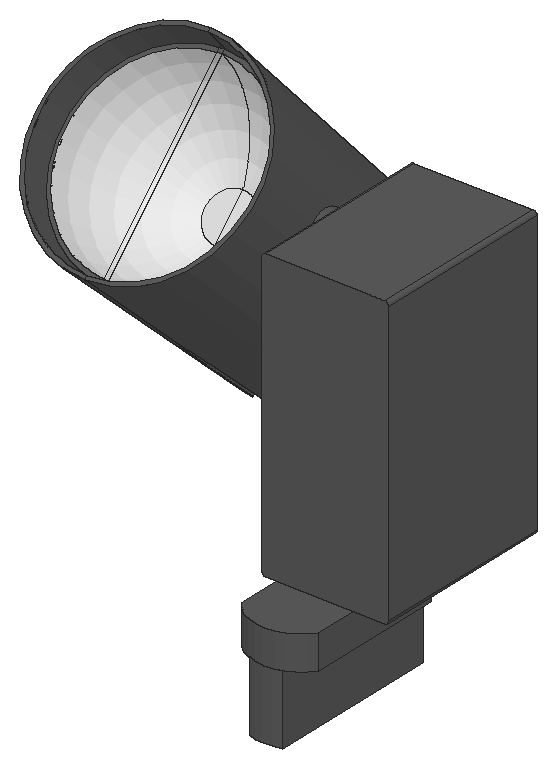
Revit family "0004883 Feilo Sylvania Lighting Fixture START TRACK SPOT S 14W 3K RA90 NB BLACK", category Lighting Fixtures, host Face, Revit 2017
Family settings
  Host = Face
  Round Connector Dimension = Use Diameter
  Part Type = Normal
  OmniClass Number = 23.80.70.00
  OmniClass Title = Lighting
  Cut with Voids When Loaded = No
  Light Source = No
  Shared = No
  Room Calculation Point = No
Parameters (values of type "0004883 START TRACK SPOT S 14W 3K RA90 NB BLACK")
  Weight = "0.94 kg"
  Wattage Comments = ""
  WarrantyStartDate [instance] = "n/a"
  WarrantyGuarantorParts = "n/a"
  WarrantyDurationUnit = "n/a"
  WarrantyDurationParts = "n/a"
  WarrantyDescription = "n/a"
  Voltage = 230 V
  URL = "http://www.sylvania-lighting.com"
  TypeName = "START TRACK SPOT S 14W 3K RA90 NB BLACK"
  TypeHead_FEILO = Start Track Spot Head : 0004883 START TRACK SPOT S 14W 3K RA90 NB BLACK
  TypeBox_FEILO = Start Track Spot Box : Type Small Black
  Type Image = <None>
  Type Comments = "n/a"
  VerticalRotation_FEILO [instance] = 0.00°
  SlideEndAngle_FEILO [instance] = VerticalRotation_FEILO + 180.00°  # 180.00°
  SerialNumber [instance] = "n/a"
  Material_3_FEILO = none
  PowerFactor = 0.92
  PowerConsumption = "14 W"
  NominalLength = 0 mm
  NominalHeight = 200 mm
  NominalDepth = 140 mm
  Name = "START TRACK SPOT S 14W 3K RA90 NB BLACK"
  ModelReference = Name  # "START TRACK SPOT S 14W 3K RA90 NB BLACK"
  ModelNumber = "0004883"
  Model = Name  # "START TRACK SPOT S 14W 3K RA90 NB BLACK"
  Material = "adc12 aluminium housing, polycarbonate diffuser"
  ManufacturerName = "Feilo Sylvania"
  Manufacturer = "Feilo Sylvania"
  LuminousEfficacy = "92 lm/W"
  LuminaireType = ""
  LightOutputRatio = "100"
  LampsType = Lamp  # "LED"
  LampNominalLuminous = "1284 lm"
  LampMacAdamStep = "3"
  LampColourTemperature = "3000 K"
  LampColourRenderingIndex = "90"
  Lamp = "LED"
  Keynote = "16500"
  InstallationDate [instance] = "n/a"
  InputVoltage = "230-240V~"
  InputNominalFrequency = "50/60 Hz"
  IngressProtection = "IP20"
  ImpactProtectionIndex = "IK02"
  IfcExportType = "IfcLightFixtureType"
  IfcExportAs = "IfcLightFixtureType"
  HorizontalRotation_FEILO [instance] = 45.00°
  ExpectedLife = 50000
  ElectricShockClassification = "Class II"
  DurationUnit = "hours"
  DocumentationLiterature = "http://www.sylvania-lighting.com/product/en-int/products/0004883"
  DimmingControlOptions = "Non dimmable"
  Material_2_FEILO = none
  Description = "Integrated LED spotlight, Textured Black - RAL9005, compact and minimalist design, ideal for retail applications, die-cast aluminium body, passive cooling heatsink. Beam angle: 12°, color temperature: 3000K , total system power: 14W, total fixture output: 1284 lm, LOR: 100%, colour rendering: Ra: 90 typical, LED Chromaticity: 3 step MacAdam ellipse, lifetime: >50000 hours at L70B50, energy class: A++, A+, A, IR/UV free light source without heat radiation, operating voltage: 220-240V / 50-60Hz, drive current: 350mA, electronic driver, non-dimmable, power factor: 0.92, electrical protection: Class II, Global Track 3 Phase adapter suitable for Global trac 3-circuit tracks, ingress protection rating: IP20, suitable for internal environment only, horizontal rotation: 355°, vertical tilt: 90°, dimensions: Ø86x140x200, weight: 0.940kg."
  Default Elevation = 1219.2 mm
  CreatedOn = "12/12/2017"
  CreatedBy = ""
  Cost = 0
  built-in parameter 1114216 [instance] = (empty or 0)
  ClassificationValue = "EF_70_80"
  ClassificationName = "Uniclass2015"
  Material_1_FEILO = Body-Sylvania-StartTrackSpot-Black
  BarCode [instance] = "n/a"
  AssetType = "Fixed"
  AssetIdentifier [instance] = "n/a"
  Assembly Code = "D5020200"
  Apparent Load = 14 VA
  Material_4_FEILO = none
Reference planes
  plane 1 "Center (Front/Back)": y = 0
  plane 2: z = 0
  plane 3 "Center (Left/Right)": x = 0
  plane 4: x = 15
  plane 5: x = -15
  plane 6: y = 35
  plane 7: y = -35
  plane 8: z = 13
  plane 9: z = -27
  plane 10: x = 6.5
  plane 11: x = -6.5
  plane 12: y = 27
  plane 13: y = -27
  plane 14: y = 20
Forms (mm)
  Extrusion 1, solid, material "Body-Sylvania-StartTrackSpot-Black" <- "Material_1_FEILO"
    sketch origin (0, 0, 0) x (1, 0, 0) y (0, 1, 0)
      loop
        line (-15, 27) -> (-15, -27)
        arc (-15, -27) -> (0, -35) -> (15, -27) r 18.062
        line (15, -27) -> (15, 27)
        arc (15, 27) -> (0, 35) -> (-15, 27) r 18.062
    from 0 to 13
  Extrusion 2, solid, material "Body-Sylvania-StartTrackSpot-Black" <- "Material_1_FEILO"
    sketch origin (0, 0, 0) x (1, 0, 0) y (0, 1, 0)
      loop
        arc (6.5, 33.79) -> (0, 35) -> (-6.5, 33.79) r 18.062
        line (-6.5, 33.79) -> (-6.5, -33.79)
        arc (-6.5, -33.79) -> (0, -35) -> (6.5, -33.79) r 18.062
        line (6.5, -33.79) -> (6.5, 33.79)
    from 0 to -27
  Revolve 3, solid, not visible
    sketch origin (1524, 20, 1219.2) x (1, 0, 0) y (0, 0, 1)
      loop
        line (-1524, -1206.2) -> (-1524, -1191.285) -> (-1530.5, -1191.285) -> (-1530.5, -1206.2) -> (-1524, -1206.2)
      axis (-1524, -1191.285) -> (-1524, -1206.2)
    angle from 0 <- "VerticalRotation_FEILO" to 180 <- "SlideEndAngle_FEILO"
Cuts and joins
  joined: Extrusion 1, Extrusion 2
Dimensions and locks
  equal spacing: plane 10, plane 3 "Center (Left/Right)", plane 11
  equal spacing: plane 4, plane 3 "Center (Left/Right)", plane 5
  locked: plane 8 to plane 2 at 13
  locked: plane 8 to plane 9 at 40
  equal spacing: plane 13, plane 1 "Center (Front/Back)", plane 12
  locked: plane 12 to plane 6 at 8
  locked: plane 14 to plane 6 at 15
  locked: Revolve 3 sketch curve to plane 8 at 14.915
  aligned and locked: plane 2 to host face
  aligned and locked: level to host face
  aligned and locked: plane 5 to Extrusion 1 sketch curve  (x2)
  aligned and locked: plane 12 to Extrusion 1 sketch curve
  aligned and locked: plane 13 to Extrusion 1 sketch curve
  aligned and locked: plane 4 to Extrusion 1 sketch curve
  aligned and locked: Extrusion 1 to plane 8
  aligned and locked: Extrusion 1 to level
  aligned and locked: Extrusion 2 sketch curve to Extrusion 1  (x2)
  aligned and locked: Extrusion 2 sketch curve to plane 11
  aligned and locked: plane 10 to Extrusion 2 sketch curve
  aligned and locked: plane 9 to Extrusion 2
  aligned and locked: level to Extrusion 2
  aligned and locked: Revolve 3 sketch curve to plane 3 "Center (Left/Right)"  (x2)
  aligned and locked: plane 11 to Revolve 3 sketch curve
  aligned and locked: Revolve 3 sketch curve to plane 8
Automatic sketch dimensions
  host sketch curve to host sketch curve = 2438.4 mm  (x2)
  Extrusion 1 sketch curve to plane 3 "Center (Left/Right)" = 0 mm  (x2)
  Extrusion 1 sketch curve to plane 13 = 10.062 mm
  plane 12 to Extrusion 1 sketch curve = 10.062 mm
  Revolve 3 sketch curve to plane 3 "Center (Left/Right)" = 0 mm
  plane 9 to Revolve 3 sketch curve = 582.6 mm
  Revolve 3 sketch curve to Revolve 3 sketch curve = 2581.144 mm
Nested families
  nested 1: "Start Track Spot Head" at (-62, 20, 112.529) x (0, 0.7071, 0.7071) z (0, 0.7071, -0.7071), type <- "TypeHead_FEILO", type "0004883 START TRACK SPOT S 14W 3K RA90 NB BLACK"
    with built-in parameter 1114216 (empty or 0)
  nested 2: "Start Track Spot Box" at (8.5, 20, 73) x (-1, 0, 0) z (0, -1, 0), BoxStartAngle_FEILO <- "HorizontalRotation_FEILO", type <- "TypeBox_FEILO", type "Type Small Black"
    with BoxStartAngle_FEILO 45.00°, BoxEndAngle_FEILO -135.00°
Connectors
  electrical at (0, 0, 0), driven by "Apparent Load", driven by "PowerFactor", driven by "Voltage"
    settings: index 1, voltage 230 V, apparent load 14 VA, apparent load phase1 0 VA, apparent load phase2 0 VA, apparent load phase3 0 VA, power factor 0.92, load classification "Lighting", number of poles 1, system type 30, power factor state 1, is connector primary yes, connector utility no, sub classification motor no, connector description ""
Definition of nested family "Start Track Spot Head"
  Parameters (values of type "0004811 START TRACK SPOT S 14W 3K RA80 NB WHITE")
    Wattage Comments = "n/a"
    Wattage = 14 W
    built-in parameter 1150110 = 1 (stored number, unit not read)
    URL = "http://www.feilosylvania.com"
    Type Image = (empty or 0)
    Type Comments = "n/a"
    built-in parameter 1114217 = 1 (stored number, unit not read)
    Tilt Angle = -90.00°
    built-in parameter 1150109 = 1 (stored number, unit not read)
    built-in parameter 1150134 = (empty or 0)
    built-in parameter 1150113 = 1 (stored number, unit not read)
    Photometric Web File = "0004811.ies"
    Material_3_FEILO = none
    Model = "START TRACK SPOT S 14W 3K RA80 NB WHITE"
    Manufacturer = "Feilo Sylvania"
    built-in parameter 1150105 = 123.66 (stored number, unit not read)
    Lumens = 1554 lm
    built-in parameter 1150115 = 1 (stored number, unit not read)
    built-in parameter 1150137 = (empty or 0)
    built-in parameter 1150139 = (empty or 0)
    built-in parameter 1150112 = 1 (stored number, unit not read)
    built-in parameter 1150114 = 1 (stored number, unit not read)
    Lamp = "LED"
    Keynote = "16500"
    Material_2_FEILO = none
    built-in parameter 1150132 = (empty or 0)
    built-in parameter 1150102 = (empty or 0)
    built-in parameter 1150107 = 3000 (stored number, unit not read)
    built-in parameter 1150138 = (empty or 0)
    built-in parameter 1150106 = 1.2366 (stored number, unit not read)
    HeadThickness_FEILO = if(HeadDiaOut_FEILO > 112 mm, 2 mm, 1.5 mm)  # 1.5 mm
    HeadRibOffset_FEILO = HeadHeight_FEILO / 28  # 4.179 mm
    HeadRibDepth_FEILO = HeadHeight_FEILO / 2.1  # 55.714 mm
    HeadRibCutWidth_FEILO = HeadDiaOut_FEILO / 12  # 7.167 mm
    HeadRibCutOffset_FEILO = HeadHeight_FEILO / 2.3  # 50.87 mm
    HeadReflectorRadius_FEILO = HeadDiaOut_FEILO / 1.7  # 50.588 mm
    HeadReflectorOffset_FEILO = HeadHeight_FEILO / 2.1  # 55.714 mm
    HeadLEDRadius_FEILO = HeadDiaOut_FEILO / 9  # 9.556 mm
    HeadHeight_FEILO = 117 mm
    HeadDraft_FEILO = 1 mm
    HeadDiffusorThickness_FEILO = 3 mm
    HeadDiffusorOffset_FEILO = HeadHeight_FEILO / 12.4  # 9.435 mm
    HeadDiaOut_FEILO = 86 mm
    HeadDiaIn_FEILO = HeadDiaOut_FEILO / 1.11  # 77.477 mm
    HeadAxisFromTop_FEILO = HeadHeight_FEILO / 1.687  # 69.354 mm
    Emit from Circle Diameter = HeadDiaIn_FEILO  # 77.477 mm
    Emit Shape Visible in Rendering = no
    built-in parameter 1150104 = 10.312 (stored number, unit not read)
    Dimming Lamp Color Temperature Shift = (empty or 0)
    Description = "Integrated LED spotlight, Textured White - RAL9016, compact and minimalist design, ideal for retail applications, die-cast aluminium body, passive cooling heatsink. Beam angle: 12°, color temperature: 3000K , total system power: 14W, total fixture output: 1551 lm, LOR: 100%, colour rendering: Ra: 80 typical, LED Chromaticity: 3 step MacAdam ellipse, lifetime: >50000 hours at L70B50, energy class: A++, A+, A, IR/UV free light source without heat radiation, operating voltage: 220-240V / 50-60Hz, drive current: 350mA, electronic driver, non-dimmable, power factor: 0.92, electrical protection: Class II, Global Track 3 Phase adapter suitable for Global trac 3-circuit tracks, ingress protection rating: IP20, suitable for internal environment only, horizontal rotation: 355°, vertical tilt: 90°, dimensions: Ø86x140x200, weight: 0.940kg."
    Default Elevation = 1219.2 mm
    Cost = 0
    Color Filter = 16777215
    built-in parameter 1114216 [instance] = (empty or 0)
    Material_1_FEILO = none
    built-in parameter 1114218 = 1 (stored number, unit not read)
    built-in parameter 1150133 = 10 (stored number, unit not read)
    Assembly Code = "D5020200"
    Apparent Load = 14 VA
    Material_4_FEILO = none
  Types (96, lengths in mm): name | Wattage | built-in parameter 1150134 | Photometric Web File | Model | built-in parameter 1150105 | Lumens | built-in parameter 1150107 | built-in parameter 1150106 | HeadThickness_FEILO | HeadRibOffset_FEILO | HeadRibDepth_FEILO | HeadRibCutWidth_FEILO | HeadRibCutOffset_FEILO | HeadReflectorRadius_FEILO | HeadReflectorOffset_FEILO | HeadLEDRadius_FEILO | HeadHeight_FEILO | HeadDiffusorOffset_FEILO | HeadDiaOut_FEILO | HeadDiaIn_FEILO | HeadAxisFromTop_FEILO | Emit from Circle Diameter | built-in parameter 1150104 | Description | Apparent Load
    0004906 START TRACK SPOT L 55W 4K RA90 WB BLACK | 55 W | 12 | "0004906.ies" | "START TRACK SPOT L 55W 4K RA90 WB BLACK" | 385.15 (stored number, unit not read) | 4840 lm | 4000 (stored number, unit not read) | 3.8515 (stored number, unit not read) | 2 | 4.429 | 59.048 | 9.417 | 53.913 | 66.471 | 59.048 | 12.556 | 124 | 10 | 113 | 101.802 | 73.503 | 101.802 | 8.1755 (stored number, unit not read) | "Integrated LED spotlight, Textured Black - RAL9005, compact and minimalist design, ideal for retail applications, die-cast aluminium body, passive cooling heatsink. Beam angle: 52°, color temperature: 4000K , total system power: 55W, total fixture output: 4824 lm, LOR: 100%, colour rendering: Ra: 90 typical, LED Chromaticity: 3 step MacAdam ellipse, lifetime: >50000 hours at L70B50, energy class: A++, A+, A, IR/UV free light source without heat radiation, operating voltage: 220-240V / 50-60Hz, drive current: 1400mA, electronic driver, non-dimmable, power factor: 0.96, electrical protection: Class II, Global Track 3 Phase adapter suitable for Global trac 3-circuit tracks, ingress protection rating: IP20, suitable for internal environment only, horizontal rotation: 355°, vertical tilt: 90°, dimensions: Ø113x164x240, weight: 1.398kg." | 55 VA
    0004905 START TRACK SPOT L 55W 4K RA90 MB BLACK | 55 W | 12 | "0004905.ies" | "START TRACK SPOT L 55W 4K RA90 MB BLACK" | 389.53 (stored number, unit not read) | 4895 lm | 4000 (stored number, unit not read) | 3.8953 (stored number, unit not read) | 2 | 4.429 | 59.048 | 9.417 | 53.913 | 66.471 | 59.048 | 12.556 | 124 | 10 | 113 | 101.802 | 73.503 | 101.802 | 8.2684 (stored number, unit not read) | "Integrated LED spotlight, Textured Black - RAL9005, compact and minimalist design, ideal for retail applications, die-cast aluminium body, passive cooling heatsink. Beam angle: 38°, color temperature: 4000K , total system power: 55W, total fixture output: 4897 lm, LOR: 100%, colour rendering: Ra: 90 typical, LED Chromaticity: 3 step MacAdam ellipse, lifetime: >50000 hours at L70B50, energy class: A++, A+, A, IR/UV free light source without heat radiation, operating voltage: 220-240V / 50-60Hz, drive current: 1400mA, electronic driver, non-dimmable, power factor: 0.96, electrical protection: Class II, Global Track 3 Phase adapter suitable for Global trac 3-circuit tracks, ingress protection rating: IP20, suitable for internal environment only, horizontal rotation: 355°, vertical tilt: 90°, dimensions: Ø113x164x240, weight: 1.398kg." | 55 VA
    0004904 START TRACK SPOT L 55W 4K RA90 NB BLACK | 55 W | 12 | "0004904.ies" | "START TRACK SPOT L 55W 4K RA90 NB BLACK" | 393.91 (stored number, unit not read) | 4950 lm | 4000 (stored number, unit not read) | 3.9391 (stored number, unit not read) | 2 | 4.429 | 59.048 | 9.417 | 53.913 | 66.471 | 59.048 | 12.556 | 124 | 10 | 113 | 101.802 | 73.503 | 101.802 | 8.3613 (stored number, unit not read) | "Integrated LED spotlight, Textured Black - RAL9005, compact and minimalist design, ideal for retail applications, die-cast aluminium body, passive cooling heatsink. Beam angle: 15°, color temperature: 4000K , total system power: 55W, total fixture output: 4965 lm, LOR: 100%, colour rendering: Ra: 90 typical, LED Chromaticity: 3 step MacAdam ellipse, lifetime: >50000 hours at L70B50, energy class: A++, A+, A, IR/UV free light source without heat radiation, operating voltage: 220-240V / 50-60Hz, drive current: 1400mA, electronic driver, non-dimmable, power factor: 0.96, electrical protection: Class II, Global Track 3 Phase adapter suitable for Global trac 3-circuit tracks, ingress protection rating: IP20, suitable for internal environment only, horizontal rotation: 355°, vertical tilt: 90°, dimensions: Ø113x164x240, weight: 1.398kg." | 55 VA
    0004903 START TRACK SPOT L 35W 4K RA90 WB BLACK | 35 W | 12 | "0004903.ies" | "START TRACK SPOT L 35W 4K RA90 WB BLACK" | 284.09 (stored number, unit not read) | 3570 lm | 4000 (stored number, unit not read) | 2.8409 (stored number, unit not read) | 2 | 4.429 | 59.048 | 9.417 | 53.913 | 66.471 | 59.048 | 12.556 | 124 | 10 | 113 | 101.802 | 73.503 | 101.802 | 9.4761 (stored number, unit not read) | "Integrated LED spotlight, Textured Black - RAL9005, compact and minimalist design, ideal for retail applications, die-cast aluminium body, passive cooling heatsink. Beam angle: 52°, color temperature: 4000K , total system power: 35W, total fixture output: 3562 lm, LOR: 100%, colour rendering: Ra: 90 typical, LED Chromaticity: 3 step MacAdam ellipse, lifetime: >50000 hours at L70B50, energy class: A++, A+, A, IR/UV free light source without heat radiation, operating voltage: 220-240V / 50-60Hz, drive current: 900mA, electronic driver, non-dimmable, power factor: 0.93, electrical protection: Class II, Global Track 3 Phase adapter suitable for Global trac 3-circuit tracks, ingress protection rating: IP20, suitable for internal environment only, horizontal rotation: 355°, vertical tilt: 90°, dimensions: Ø113x164x240, weight: 1.368kg." | 35 VA
    0004902 START TRACK SPOT L 35W 4K RA90 MB BLACK | 35 W | 12 | "0004902.ies" | "START TRACK SPOT L 35W 4K RA90 MB BLACK" | 286.88 (stored number, unit not read) | 3605 lm | 4000 (stored number, unit not read) | 2.8688 (stored number, unit not read) | 2 | 4.429 | 59.048 | 9.417 | 53.913 | 66.471 | 59.048 | 12.556 | 124 | 10 | 113 | 101.802 | 73.503 | 101.802 | 9.569 (stored number, unit not read) | "Integrated LED spotlight, Textured Black - RAL9005, compact and minimalist design, ideal for retail applications, die-cast aluminium body, passive cooling heatsink. Beam angle: 38°, color temperature: 4000K , total system power: 35W, total fixture output: 3616 lm, LOR: 100%, colour rendering: Ra: 90 typical, LED Chromaticity: 3 step MacAdam ellipse, lifetime: >50000 hours at L70B50, energy class: A++, A+, A, IR/UV free light source without heat radiation, operating voltage: 220-240V / 50-60Hz, drive current: 900mA, electronic driver, non-dimmable, power factor: 0.93, electrical protection: Class II, Global Track 3 Phase adapter suitable for Global trac 3-circuit tracks, ingress protection rating: IP20, suitable for internal environment only, horizontal rotation: 355°, vertical tilt: 90°, dimensions: Ø113x164x240, weight: 1.368kg." | 35 VA
    0004901 START TRACK SPOT L 35W 4K RA90 NB BLACK | 35 W | 12 | "0004901.ies" | "START TRACK SPOT L 35W 4K RA90 NB BLACK" | 286.88 (stored number, unit not read) | 3605 lm | 4000 (stored number, unit not read) | 2.8688 (stored number, unit not read) | 2 | 4.429 | 59.048 | 9.417 | 53.913 | 66.471 | 59.048 | 12.556 | 124 | 10 | 113 | 101.802 | 73.503 | 101.802 | 9.569 (stored number, unit not read) | "Integrated LED spotlight, Textured Black - RAL9005, compact and minimalist design, ideal for retail applications, die-cast aluminium body, passive cooling heatsink. Beam angle: 15°, color temperature: 4000K , total system power: 35W, total fixture output: 3593 lm, LOR: 100%, colour rendering: Ra: 90 typical, LED Chromaticity: 3 step MacAdam ellipse, lifetime: >50000 hours at L70B50, energy class: A++, A+, A, IR/UV free light source without heat radiation, operating voltage: 220-240V / 50-60Hz, drive current: 900mA, electronic driver, non-dimmable, power factor: 0.93, electrical protection: Class II, Global Track 3 Phase adapter suitable for Global trac 3-circuit tracks, ingress protection rating: IP20, suitable for internal environment only, horizontal rotation: 355°, vertical tilt: 90°, dimensions: Ø113x164x240, weight: 1.368kg." | 35 VA
    0004900 START TRACK SPOT S 24W 4K RA90 WB BLACK | 24 W | 12 | "0004900.ies" | "START TRACK SPOT S 24W 4K RA90 WB BLACK" | 166.16 (stored number, unit not read) | 2088 lm | 4000 (stored number, unit not read) | 1.6616 (stored number, unit not read) | 1.5 | 4.179 | 55.714 | 7.167 | 50.87 | 50.588 | 55.714 | 9.556 | 117 | 9.435 | 86 | 77.477 | 69.354 | 77.477 | 8.0826 (stored number, unit not read) | "Integrated LED spotlight, Textured Black - RAL9005, compact and minimalist design, ideal for retail applications, die-cast aluminium body, passive cooling heatsink. Beam angle: 64°, color temperature: 4000K , total system power: 24W, total fixture output: 2087 lm, LOR: 100%, colour rendering: Ra: 90 typical, LED Chromaticity: 3 step MacAdam ellipse, lifetime: >50000 hours at L70B50, energy class: A++, A+, A, IR/UV free light source without heat radiation, operating voltage: 220-240V / 50-60Hz, drive current: 600mA, electronic driver, non-dimmable, power factor: 0.95, electrical protection: Class II, Global Track 3 Phase adapter suitable for Global trac 3-circuit tracks, ingress protection rating: IP20, suitable for internal environment only, horizontal rotation: 355°, vertical tilt: 90°, dimensions: Ø86x140x200, weight: 0.966kg." | 24 VA
    0004899 START TRACK SPOT S 24W 4K RA90 MB BLACK | 24 W | 12 | "0004899.ies" | "START TRACK SPOT S 24W 4K RA90 MB BLACK" | 169.98 (stored number, unit not read) | 2136 lm | 4000 (stored number, unit not read) | 1.6998 (stored number, unit not read) | 1.5 | 4.179 | 55.714 | 7.167 | 50.87 | 50.588 | 55.714 | 9.556 | 117 | 9.435 | 86 | 77.477 | 69.354 | 77.477 | 8.2684 (stored number, unit not read) | "Integrated LED spotlight, Textured Black - RAL9005, compact and minimalist design, ideal for retail applications, die-cast aluminium body, passive cooling heatsink. Beam angle: 36°, color temperature: 4000K , total system power: 24W, total fixture output: 2141 lm, LOR: 100%, colour rendering: Ra: 90 typical, LED Chromaticity: 3 step MacAdam ellipse, lifetime: >50000 hours at L70B50, energy class: A++, A+, A, IR/UV free light source without heat radiation, operating voltage: 220-240V / 50-60Hz, drive current: 600mA, electronic driver, non-dimmable, power factor: 0.95, electrical protection: Class II, Global Track 3 Phase adapter suitable for Global trac 3-circuit tracks, ingress protection rating: IP20, suitable for internal environment only, horizontal rotation: 355°, vertical tilt: 90°, dimensions: Ø86x140x200, weight: 0.966kg." | 24 VA
    0004898 START TRACK SPOT S 24W 4K RA90 NB BLACK | 24 W | 12 | "0004898.ies" | "START TRACK SPOT S 24W 4K RA90 NB BLACK" | 171.89 (stored number, unit not read) | 2160 lm | 4000 (stored number, unit not read) | 1.7189 (stored number, unit not read) | 1.5 | 4.179 | 55.714 | 7.167 | 50.87 | 50.588 | 55.714 | 9.556 | 117 | 9.435 | 86 | 77.477 | 69.354 | 77.477 | 8.3613 (stored number, unit not read) | "Integrated LED spotlight, Textured Black - RAL9005, compact and minimalist design, ideal for retail applications, die-cast aluminium body, passive cooling heatsink. Beam angle: 12°, color temperature: 4000K , total system power: 24W, total fixture output: 2155 lm, LOR: 100%, colour rendering: Ra: 90 typical, LED Chromaticity: 3 step MacAdam ellipse, lifetime: >50000 hours at L70B50, energy class: A++, A+, A, IR/UV free light source without heat radiation, operating voltage: 220-240V / 50-60Hz, drive current: 600mA, electronic driver, non-dimmable, power factor: 0.95, electrical protection: Class II, Global Track 3 Phase adapter suitable for Global trac 3-circuit tracks, ingress protection rating: IP20, suitable for internal environment only, horizontal rotation: 355°, vertical tilt: 90°, dimensions: Ø86x140x200, weight: 0.966kg." | 24 VA
    0004897 START TRACK SPOT S 14W 4K RA90 WB BLACK | 14 W | 12 | "0004897.ies" | "START TRACK SPOT S 14W 4K RA90 WB BLACK" | 108.07 (stored number, unit not read) | 1358 lm | 4000 (stored number, unit not read) | 1.0807 (stored number, unit not read) | 1.5 | 4.179 | 55.714 | 7.167 | 50.87 | 50.588 | 55.714 | 9.556 | 117 | 9.435 | 86 | 77.477 | 69.354 | 77.477 | 9.0116 (stored number, unit not read) | "Integrated LED spotlight, Textured Black - RAL9005, compact and minimalist design, ideal for retail applications, die-cast aluminium body, passive cooling heatsink. Beam angle: 64°, color temperature: 4000K , total system power: 14W, total fixture output: 1352 lm, LOR: 100%, colour rendering: Ra: 90 typical, LED Chromaticity: 3 step MacAdam ellipse, lifetime: >50000 hours at L70B50, energy class: A++, A+, A, IR/UV free light source without heat radiation, operating voltage: 220-240V / 50-60Hz, drive current: 350mA, electronic driver, non-dimmable, power factor: 0.92, electrical protection: Class II, Global Track 3 Phase adapter suitable for Global trac 3-circuit tracks, ingress protection rating: IP20, suitable for internal environment only, horizontal rotation: 355°, vertical tilt: 90°, dimensions: Ø86x140x200, weight: 0.940kg." | 14 VA
    0004896 START TRACK SPOT S 14W 4K RA90 MB BLACK | 14 W | 12 | "0004896.ies" | "START TRACK SPOT S 14W 4K RA90 MB BLACK" | 108.07 (stored number, unit not read) | 1358 lm | 4000 (stored number, unit not read) | 1.0807 (stored number, unit not read) | 1.5 | 4.179 | 55.714 | 7.167 | 50.87 | 50.588 | 55.714 | 9.556 | 117 | 9.435 | 86 | 77.477 | 69.354 | 77.477 | 9.0116 (stored number, unit not read) | "Integrated LED spotlight, Textured Black - RAL9005, compact and minimalist design, ideal for retail applications, die-cast aluminium body, passive cooling heatsink. Beam angle: 36°, color temperature: 4000K , total system power: 14W, total fixture output: 1359 lm, LOR: 100%, colour rendering: Ra: 90 typical, LED Chromaticity: 3 step MacAdam ellipse, lifetime: >50000 hours at L70B50, energy class: A++, A+, A, IR/UV free light source without heat radiation, operating voltage: 220-240V / 50-60Hz, drive current: 350mA, electronic driver, non-dimmable, power factor: 0.92, electrical protection: Class II, Global Track 3 Phase adapter suitable for Global trac 3-circuit tracks, ingress protection rating: IP20, suitable for internal environment only, horizontal rotation: 355°, vertical tilt: 90°, dimensions: Ø86x140x200, weight: 0.940kg." | 14 VA
    0004895 START TRACK SPOT S 14W 4K RA90 NB BLACK | 14 W | 12 | "0004895.ies" | "START TRACK SPOT S 14W 4K RA90 NB BLACK" | 106.95 (stored number, unit not read) | 1344 lm | 4000 (stored number, unit not read) | 1.0695 (stored number, unit not read) | 1.5 | 4.179 | 55.714 | 7.167 | 50.87 | 50.588 | 55.714 | 9.556 | 117 | 9.435 | 86 | 77.477 | 69.354 | 77.477 | 8.9187 (stored number, unit not read) | "Integrated LED spotlight, Textured Black - RAL9005, compact and minimalist design, ideal for retail applications, die-cast aluminium body, passive cooling heatsink. Beam angle: 12°, color temperature: 4000K , total system power: 14W, total fixture output: 1349 lm, LOR: 100%, colour rendering: Ra: 90 typical, LED Chromaticity: 3 step MacAdam ellipse, lifetime: >50000 hours at L70B50, energy class: A++, A+, A, IR/UV free light source without heat radiation, operating voltage: 220-240V / 50-60Hz, drive current: 350mA, electronic driver, non-dimmable, power factor: 0.92, electrical protection: Class II, Global Track 3 Phase adapter suitable for Global trac 3-circuit tracks, ingress protection rating: IP20, suitable for internal environment only, horizontal rotation: 355°, vertical tilt: 90°, dimensions: Ø86x140x200, weight: 0.940kg." | 14 VA
    0004894 START TRACK SPOT L 55W 3K RA90 WB BLACK | 55 W | (empty or 0) | "0004894.ies" | "START TRACK SPOT L 55W 3K RA90 WB BLACK" | 350.14 (stored number, unit not read) | 4400 lm | 3000 (stored number, unit not read) | 3.5014 (stored number, unit not read) | 2 | 4.429 | 59.048 | 9.417 | 53.913 | 66.471 | 59.048 | 12.556 | 124 | 10 | 113 | 101.802 | 73.503 | 101.802 | 7.4322 (stored number, unit not read) | "Integrated LED spotlight, Textured Black - RAL9005, compact and minimalist design, ideal for retail applications, die-cast aluminium body, passive cooling heatsink. Beam angle: 52°, color temperature: 3000K , total system power: 55W, total fixture output: 4405 lm, LOR: 100%, colour rendering: Ra: 90 typical, LED Chromaticity: 3 step MacAdam ellipse, lifetime: >50000 hours at L70B50, energy class: A++, A+, A, IR/UV free light source without heat radiation, operating voltage: 220-240V / 50-60Hz, drive current: 1400mA, electronic driver, non-dimmable, power factor: 0.96, electrical protection: Class II, Global Track 3 Phase adapter suitable for Global trac 3-circuit tracks, ingress protection rating: IP20, suitable for internal environment only, horizontal rotation: 355°, vertical tilt: 90°, dimensions: Ø113x164x240, weight: 1.398kg." | 55 VA
    0004893 START TRACK SPOT L 55W 3K RA90 MB BLACK | 55 W | (empty or 0) | "0004893.ies" | "START TRACK SPOT L 55W 3K RA90 MB BLACK" | 354.52 (stored number, unit not read) | 4455 lm | 3000 (stored number, unit not read) | 3.5452 (stored number, unit not read) | 2 | 4.429 | 59.048 | 9.417 | 53.913 | 66.471 | 59.048 | 12.556 | 124 | 10 | 113 | 101.802 | 73.503 | 101.802 | 7.5251 (stored number, unit not read) | "Integrated LED spotlight, Textured Black - RAL9005, compact and minimalist design, ideal for retail applications, die-cast aluminium body, passive cooling heatsink. Beam angle: 38°, color temperature: 3000K , total system power: 55W, total fixture output: 4448 lm, LOR: 100%, colour rendering: Ra: 90 typical, LED Chromaticity: 3 step MacAdam ellipse, lifetime: >50000 hours at L70B50, energy class: A++, A+, A, IR/UV free light source without heat radiation, operating voltage: 220-240V / 50-60Hz, drive current: 1400mA, electronic driver, non-dimmable, power factor: 0.96, electrical protection: Class II, Global Track 3 Phase adapter suitable for Global trac 3-circuit tracks, ingress protection rating: IP20, suitable for internal environment only, horizontal rotation: 355°, vertical tilt: 90°, dimensions: Ø113x164x240, weight: 1.398kg." | 55 VA
    0004892 START TRACK SPOT L 55W 3K RA90 NB BLACK | 55 W | (empty or 0) | "0004892.ies" | "START TRACK SPOT L 55W 3K RA90 NB BLACK" | 350.14 (stored number, unit not read) | 4400 lm | 3000 (stored number, unit not read) | 3.5014 (stored number, unit not read) | 2 | 4.429 | 59.048 | 9.417 | 53.913 | 66.471 | 59.048 | 12.556 | 124 | 10 | 113 | 101.802 | 73.503 | 101.802 | 7.4322 (stored number, unit not read) | "Integrated LED spotlight, Textured Black - RAL9005, compact and minimalist design, ideal for retail applications, die-cast aluminium body, passive cooling heatsink. Beam angle: 15°, color temperature: 3000K , total system power: 55W, total fixture output: 4416 lm, LOR: 100%, colour rendering: Ra: 90 typical, LED Chromaticity: 3 step MacAdam ellipse, lifetime: >50000 hours at L70B50, energy class: A++, A+, A, IR/UV free light source without heat radiation, operating voltage: 220-240V / 50-60Hz, drive current: 1400mA, electronic driver, non-dimmable, power factor: 0.96, electrical protection: Class II, Global Track 3 Phase adapter suitable for Global trac 3-circuit tracks, ingress protection rating: IP20, suitable for internal environment only, horizontal rotation: 355°, vertical tilt: 90°, dimensions: Ø113x164x240, weight: 1.398kg." | 55 VA
    0004891 START TRACK SPOT L 35W 3K RA90 WB BLACK | 35 W | (empty or 0) | "0004891.ies" | "START TRACK SPOT L 35W 3K RA90 WB BLACK" | 259.02 (stored number, unit not read) | 3255 lm | 3000 (stored number, unit not read) | 2.5902 (stored number, unit not read) | 2 | 4.429 | 59.048 | 9.417 | 53.913 | 66.471 | 59.048 | 12.556 | 124 | 10 | 113 | 101.802 | 73.503 | 101.802 | 8.64 (stored number, unit not read) | "Integrated LED spotlight, Textured Black - RAL9005, compact and minimalist design, ideal for retail applications, die-cast aluminium body, passive cooling heatsink. Beam angle: 52°, color temperature: 3000K , total system power: 35W, total fixture output: 3260 lm, LOR: 100%, colour rendering: Ra: 90 typical, LED Chromaticity: 3 step MacAdam ellipse, lifetime: >50000 hours at L70B50, energy class: A++, A+, A, IR/UV free light source without heat radiation, operating voltage: 220-240V / 50-60Hz, drive current: 900mA, electronic driver, non-dimmable, power factor: 0.93, electrical protection: Class II, Global Track 3 Phase adapter suitable for Global trac 3-circuit tracks, ingress protection rating: IP20, suitable for internal environment only, horizontal rotation: 355°, vertical tilt: 90°, dimensions: Ø113x164x240, weight: 1.368kg." | 35 VA
    0004890 START TRACK SPOT L 35W 3K RA90 MB BLACK | 35 W | (empty or 0) | "0004890.ies" | "START TRACK SPOT L 35W 3K RA90 MB BLACK" | 261.81 (stored number, unit not read) | 3290 lm | 3000 (stored number, unit not read) | 2.6181 (stored number, unit not read) | 2 | 4.429 | 59.048 | 9.417 | 53.913 | 66.471 | 59.048 | 12.556 | 124 | 10 | 113 | 101.802 | 73.503 | 101.802 | 8.7329 (stored number, unit not read) | "Integrated LED spotlight, Textured Black - RAL9005, compact and minimalist design, ideal for retail applications, die-cast aluminium body, passive cooling heatsink. Beam angle: 38°, color temperature: 3000K , total system power: 35W, total fixture output: 3306 lm, LOR: 100%, colour rendering: Ra: 90 typical, LED Chromaticity: 3 step MacAdam ellipse, lifetime: >50000 hours at L70B50, energy class: A++, A+, A, IR/UV free light source without heat radiation, operating voltage: 220-240V / 50-60Hz, drive current: 900mA, electronic driver, non-dimmable, power factor: 0.93, electrical protection: Class II, Global Track 3 Phase adapter suitable for Global trac 3-circuit tracks, ingress protection rating: IP20, suitable for internal environment only, horizontal rotation: 355°, vertical tilt: 90°, dimensions: Ø113x164x240, weight: 1.368kg." | 35 VA
    0004889 START TRACK SPOT L 35W 3K RA90 NB BLACK | 35 W | (empty or 0) | "0004889.ies" | "START TRACK SPOT L 35W 3K RA90 NB BLACK" | 261.81 (stored number, unit not read) | 3290 lm | 3000 (stored number, unit not read) | 2.6181 (stored number, unit not read) | 2 | 4.429 | 59.048 | 9.417 | 53.913 | 66.471 | 59.048 | 12.556 | 124 | 10 | 113 | 101.802 | 73.503 | 101.802 | 8.7329 (stored number, unit not read) | "Integrated LED spotlight, Textured Black - RAL9005, compact and minimalist design, ideal for retail applications, die-cast aluminium body, passive cooling heatsink. Beam angle: 15°, color temperature: 3000K , total system power: 35W, total fixture output: 3287 lm, LOR: 100%, colour rendering: Ra: 90 typical, LED Chromaticity: 3 step MacAdam ellipse, lifetime: >50000 hours at L70B50, energy class: A++, A+, A, IR/UV free light source without heat radiation, operating voltage: 220-240V / 50-60Hz, drive current: 900mA, electronic driver, non-dimmable, power factor: 0.93, electrical protection: Class II, Global Track 3 Phase adapter suitable for Global trac 3-circuit tracks, ingress protection rating: IP20, suitable for internal environment only, horizontal rotation: 355°, vertical tilt: 90°, dimensions: Ø113x164x240, weight: 1.368kg." | 35 VA
    0004888 START TRACK SPOT S 24W 3K RA90 WB BLACK | 24 W | (empty or 0) | "0004888.ies" | "START TRACK SPOT S 24W 3K RA90 WB BLACK" | 152.79 (stored number, unit not read) | 1920 lm | 3000 (stored number, unit not read) | 1.5279 (stored number, unit not read) | 1.5 | 4.179 | 55.714 | 7.167 | 50.87 | 50.588 | 55.714 | 9.556 | 117 | 9.435 | 86 | 77.477 | 69.354 | 77.477 | 7.4322 (stored number, unit not read) | "Integrated LED spotlight, Textured Black - RAL9005, compact and minimalist design, ideal for retail applications, die-cast aluminium body, passive cooling heatsink. Beam angle: 64°, color temperature: 3000K , total system power: 24W, total fixture output: 1928 lm, LOR: 100%, colour rendering: Ra: 90 typical, LED Chromaticity: 3 step MacAdam ellipse, lifetime: >50000 hours at L70B50, energy class: A++, A+, A, IR/UV free light source without heat radiation, operating voltage: 220-240V / 50-60Hz, drive current: 600mA, electronic driver, non-dimmable, power factor: 0.95, electrical protection: Class II, Global Track 3 Phase adapter suitable for Global trac 3-circuit tracks, ingress protection rating: IP20, suitable for internal environment only, horizontal rotation: 355°, vertical tilt: 90°, dimensions: Ø86x140x200, weight: 0.966kg." | 24 VA
    0004887 START TRACK SPOT S 24W 3K RA90 MB BLACK | 24 W | (empty or 0) | "0004887.ies" | "START TRACK SPOT S 24W 3K RA90 MB BLACK" | 154.7 (stored number, unit not read) | 1944 lm | 3000 (stored number, unit not read) | 1.547 (stored number, unit not read) | 1.5 | 4.179 | 55.714 | 7.167 | 50.87 | 50.588 | 55.714 | 9.556 | 117 | 9.435 | 86 | 77.477 | 69.354 | 77.477 | 7.5251 (stored number, unit not read) | "Integrated LED spotlight, Textured Black - RAL9005, compact and minimalist design, ideal for retail applications, die-cast aluminium body, passive cooling heatsink. Beam angle: 36°, color temperature: 3000K , total system power: 24W, total fixture output: 1944 lm, LOR: 100%, colour rendering: Ra: 90 typical, LED Chromaticity: 3 step MacAdam ellipse, lifetime: >50000 hours at L70B50, energy class: A++, A+, A, IR/UV free light source without heat radiation, operating voltage: 220-240V / 50-60Hz, drive current: 600mA, electronic driver, non-dimmable, power factor: 0.95, electrical protection: Class II, Global Track 3 Phase adapter suitable for Global trac 3-circuit tracks, ingress protection rating: IP20, suitable for internal environment only, horizontal rotation: 355°, vertical tilt: 90°, dimensions: Ø86x140x200, weight: 0.966kg." | 24 VA
    0004886 START TRACK SPOT S 24W 3K RA90 NB BLACK | 24 W | (empty or 0) | "0004886.ies" | "START TRACK SPOT S 24W 3K RA90 NB BLACK" | 158.52 (stored number, unit not read) | 1992 lm | 3000 (stored number, unit not read) | 1.5852 (stored number, unit not read) | 1.5 | 4.179 | 55.714 | 7.167 | 50.87 | 50.588 | 55.714 | 9.556 | 117 | 9.435 | 86 | 77.477 | 69.354 | 77.477 | 7.711 (stored number, unit not read) | "Integrated LED spotlight, Textured Black - RAL9005, compact and minimalist design, ideal for retail applications, die-cast aluminium body, passive cooling heatsink. Beam angle: 12°, color temperature: 3000K , total system power: 24W, total fixture output: 1987 lm, LOR: 100%, colour rendering: Ra: 90 typical, LED Chromaticity: 3 step MacAdam ellipse, lifetime: >50000 hours at L70B50, energy class: A++, A+, A, IR/UV free light source without heat radiation, operating voltage: 220-240V / 50-60Hz, drive current: 600mA, electronic driver, non-dimmable, power factor: 0.95, electrical protection: Class II, Global Track 3 Phase adapter suitable for Global trac 3-circuit tracks, ingress protection rating: IP20, suitable for internal environment only, horizontal rotation: 355°, vertical tilt: 90°, dimensions: Ø86x140x200, weight: 0.966kg." | 24 VA
    0004885 START TRACK SPOT S 14W 3K RA90 WB BLACK | 14 W | (empty or 0) | "0004885.ies" | "START TRACK SPOT S 14W 3K RA90 WB BLACK" | 100.27 (stored number, unit not read) | 1260 lm | 3000 (stored number, unit not read) | 1.0027 (stored number, unit not read) | 1.5 | 4.179 | 55.714 | 7.167 | 50.87 | 50.588 | 55.714 | 9.556 | 117 | 9.435 | 86 | 77.477 | 69.354 | 77.477 | 8.3613 (stored number, unit not read) | "Integrated LED spotlight, Textured Black - RAL9005, compact and minimalist design, ideal for retail applications, die-cast aluminium body, passive cooling heatsink. Beam angle: 64°, color temperature: 3000K , total system power: 14W, total fixture output: 1262 lm, LOR: 100%, colour rendering: Ra: 90 typical, LED Chromaticity: 3 step MacAdam ellipse, lifetime: >50000 hours at L70B50, energy class: A++, A+, A, IR/UV free light source without heat radiation, operating voltage: 220-240V / 50-60Hz, drive current: 350mA, electronic driver, non-dimmable, power factor: 0.92, electrical protection: Class II, Global Track 3 Phase adapter suitable for Global trac 3-circuit tracks, ingress protection rating: IP20, suitable for internal environment only, horizontal rotation: 355°, vertical tilt: 90°, dimensions: Ø86x140x200, weight: 0.940kg." | 14 VA
    0004884 START TRACK SPOT S 14W 3K RA90 MB BLACK | 14 W | (empty or 0) | "0004884.ies" | "START TRACK SPOT S 14W 3K RA90 MB BLACK" | 100.27 (stored number, unit not read) | 1260 lm | 3000 (stored number, unit not read) | 1.0027 (stored number, unit not read) | 1.5 | 4.179 | 55.714 | 7.167 | 50.87 | 50.588 | 55.714 | 9.556 | 117 | 9.435 | 86 | 77.477 | 69.354 | 77.477 | 8.3613 (stored number, unit not read) | "Integrated LED spotlight, Textured Black - RAL9005, compact and minimalist design, ideal for retail applications, die-cast aluminium body, passive cooling heatsink. Beam angle: 36°, color temperature: 3000K , total system power: 14W, total fixture output: 1262 lm, LOR: 100%, colour rendering: Ra: 90 typical, LED Chromaticity: 3 step MacAdam ellipse, lifetime: >50000 hours at L70B50, energy class: A++, A+, A, IR/UV free light source without heat radiation, operating voltage: 220-240V / 50-60Hz, drive current: 350mA, electronic driver, non-dimmable, power factor: 0.92, electrical protection: Class II, Global Track 3 Phase adapter suitable for Global trac 3-circuit tracks, ingress protection rating: IP20, suitable for internal environment only, horizontal rotation: 355°, vertical tilt: 90°, dimensions: Ø86x140x200, weight: 0.940kg." | 14 VA
    0004883 START TRACK SPOT S 14W 3K RA90 NB BLACK | 14 W | (empty or 0) | "0004883.ies" | "START TRACK SPOT S 14W 3K RA90 NB BLACK" | 102.5 (stored number, unit not read) | 1288 lm | 3000 (stored number, unit not read) | 1.025 (stored number, unit not read) | 1.5 | 4.179 | 55.714 | 7.167 | 50.87 | 50.588 | 55.714 | 9.556 | 117 | 9.435 | 86 | 77.477 | 69.354 | 77.477 | 8.5471 (stored number, unit not read) | "Integrated LED spotlight, Textured Black - RAL9005, compact and minimalist design, ideal for retail applications, die-cast aluminium body, passive cooling heatsink. Beam angle: 12°, color temperature: 3000K , total system power: 14W, total fixture output: 1284 lm, LOR: 100%, colour rendering: Ra: 90 typical, LED Chromaticity: 3 step MacAdam ellipse, lifetime: >50000 hours at L70B50, energy class: A++, A+, A, IR/UV free light source without heat radiation, operating voltage: 220-240V / 50-60Hz, drive current: 350mA, electronic driver, non-dimmable, power factor: 0.92, electrical protection: Class II, Global Track 3 Phase adapter suitable for Global trac 3-circuit tracks, ingress protection rating: IP20, suitable for internal environment only, horizontal rotation: 355°, vertical tilt: 90°, dimensions: Ø86x140x200, weight: 0.940kg." | 14 VA
    0004882 START TRACK SPOT L 55W 4K RA90 WB WHITE | 55 W | 12 | "0004882.ies" | "START TRACK SPOT L 55W 4K RA90 WB WHITE" | 385.15 (stored number, unit not read) | 4840 lm | 4000 (stored number, unit not read) | 3.8515 (stored number, unit not read) | 2 | 4.429 | 59.048 | 9.417 | 53.913 | 66.471 | 59.048 | 12.556 | 124 | 10 | 113 | 101.802 | 73.503 | 101.802 | 8.1755 (stored number, unit not read) | "Integrated LED spotlight, Textured White - RAL9016, compact and minimalist design, ideal for retail applications, die-cast aluminium body, passive cooling heatsink. Beam angle: 52°, color temperature: 4000K , total system power: 55W, total fixture output: 4824 lm, LOR: 100%, colour rendering: Ra: 90 typical, LED Chromaticity: 3 step MacAdam ellipse, lifetime: >50000 hours at L70B50, energy class: A++, A+, A, IR/UV free light source without heat radiation, operating voltage: 220-240V / 50-60Hz, drive current: 1400mA, electronic driver, non-dimmable, power factor: 0.96, electrical protection: Class II, Global Track 3 Phase adapter suitable for Global trac 3-circuit tracks, ingress protection rating: IP20, suitable for internal environment only, horizontal rotation: 355°, vertical tilt: 90°, dimensions: Ø113x164x240, weight: 1.398kg." | 55 VA
    0004881 START TRACK SPOT L 55W 4K RA90 MB WHITE | 55 W | 12 | "0004881.ies" | "START TRACK SPOT L 55W 4K RA90 MB WHITE" | 389.53 (stored number, unit not read) | 4895 lm | 4000 (stored number, unit not read) | 3.8953 (stored number, unit not read) | 2 | 4.429 | 59.048 | 9.417 | 53.913 | 66.471 | 59.048 | 12.556 | 124 | 10 | 113 | 101.802 | 73.503 | 101.802 | 8.2684 (stored number, unit not read) | "Integrated LED spotlight, Textured White - RAL9016, compact and minimalist design, ideal for retail applications, die-cast aluminium body, passive cooling heatsink. Beam angle: 38°, color temperature: 4000K , total system power: 55W, total fixture output: 4897 lm, LOR: 100%, colour rendering: Ra: 90 typical, LED Chromaticity: 3 step MacAdam ellipse, lifetime: >50000 hours at L70B50, energy class: A++, A+, A, IR/UV free light source without heat radiation, operating voltage: 220-240V / 50-60Hz, drive current: 1400mA, electronic driver, non-dimmable, power factor: 0.96, electrical protection: Class II, Global Track 3 Phase adapter suitable for Global trac 3-circuit tracks, ingress protection rating: IP20, suitable for internal environment only, horizontal rotation: 355°, vertical tilt: 90°, dimensions: Ø113x164x240, weight: 1.398kg." | 55 VA
    0004880 START TRACK SPOT L 55W 4K RA90 NB WHITE | 55 W | 12 | "0004880.ies" | "START TRACK SPOT L 55W 4K RA90 NB WHITE" | 393.91 (stored number, unit not read) | 4950 lm | 4000 (stored number, unit not read) | 3.9391 (stored number, unit not read) | 2 | 4.429 | 59.048 | 9.417 | 53.913 | 66.471 | 59.048 | 12.556 | 124 | 10 | 113 | 101.802 | 73.503 | 101.802 | 8.3613 (stored number, unit not read) | "Integrated LED spotlight, Textured White - RAL9016, compact and minimalist design, ideal for retail applications, die-cast aluminium body, passive cooling heatsink. Beam angle: 15°, color temperature: 4000K , total system power: 55W, total fixture output: 4965 lm, LOR: 100%, colour rendering: Ra: 90 typical, LED Chromaticity: 3 step MacAdam ellipse, lifetime: >50000 hours at L70B50, energy class: A++, A+, A, IR/UV free light source without heat radiation, operating voltage: 220-240V / 50-60Hz, drive current: 1400mA, electronic driver, non-dimmable, power factor: 0.96, electrical protection: Class II, Global Track 3 Phase adapter suitable for Global trac 3-circuit tracks, ingress protection rating: IP20, suitable for internal environment only, horizontal rotation: 355°, vertical tilt: 90°, dimensions: Ø113x164x240, weight: 1.398kg." | 55 VA
    0004879 START TRACK SPOT L 35W 4K RA90 WB WHITE | 35 W | 12 | "0004879.ies" | "START TRACK SPOT L 35W 4K RA90 WB WHITE" | 284.09 (stored number, unit not read) | 3570 lm | 4000 (stored number, unit not read) | 2.8409 (stored number, unit not read) | 2 | 4.429 | 59.048 | 9.417 | 53.913 | 66.471 | 59.048 | 12.556 | 124 | 10 | 113 | 101.802 | 73.503 | 101.802 | 9.4761 (stored number, unit not read) | "Integrated LED spotlight, Textured White - RAL9016, compact and minimalist design, ideal for retail applications, die-cast aluminium body, passive cooling heatsink. Beam angle: 52°, color temperature: 4000K , total system power: 35W, total fixture output: 3562 lm, LOR: 100%, colour rendering: Ra: 90 typical, LED Chromaticity: 3 step MacAdam ellipse, lifetime: >50000 hours at L70B50, energy class: A++, A+, A, IR/UV free light source without heat radiation, operating voltage: 220-240V / 50-60Hz, drive current: 900mA, electronic driver, non-dimmable, power factor: 0.93, electrical protection: Class II, Global Track 3 Phase adapter suitable for Global trac 3-circuit tracks, ingress protection rating: IP20, suitable for internal environment only, horizontal rotation: 355°, vertical tilt: 90°, dimensions: Ø113x164x240, weight: 1.368kg." | 35 VA
    0004878 START TRACK SPOT L 35W 4K RA90 MB WHITE | 35 W | 12 | "0004878.ies" | "START TRACK SPOT L 35W 4K RA90 MB WHITE" | 286.88 (stored number, unit not read) | 3605 lm | 4000 (stored number, unit not read) | 2.8688 (stored number, unit not read) | 2 | 4.429 | 59.048 | 9.417 | 53.913 | 66.471 | 59.048 | 12.556 | 124 | 10 | 113 | 101.802 | 73.503 | 101.802 | 9.569 (stored number, unit not read) | "Integrated LED spotlight, Textured White - RAL9016, compact and minimalist design, ideal for retail applications, die-cast aluminium body, passive cooling heatsink. Beam angle: 38°, color temperature: 4000K , total system power: 35W, total fixture output: 3616 lm, LOR: 100%, colour rendering: Ra: 90 typical, LED Chromaticity: 3 step MacAdam ellipse, lifetime: >50000 hours at L70B50, energy class: A++, A+, A, IR/UV free light source without heat radiation, operating voltage: 220-240V / 50-60Hz, drive current: 900mA, electronic driver, non-dimmable, power factor: 0.93, electrical protection: Class II, Global Track 3 Phase adapter suitable for Global trac 3-circuit tracks, ingress protection rating: IP20, suitable for internal environment only, horizontal rotation: 355°, vertical tilt: 90°, dimensions: Ø113x164x240, weight: 1.368kg." | 35 VA
    0004877 START TRACK SPOT L 35W 4K RA90 NB WHITE | 35 W | 12 | "0004877.ies" | "START TRACK SPOT L 35W 4K RA90 NB WHITE" | 286.88 (stored number, unit not read) | 3605 lm | 4000 (stored number, unit not read) | 2.8688 (stored number, unit not read) | 2 | 4.429 | 59.048 | 9.417 | 53.913 | 66.471 | 59.048 | 12.556 | 124 | 10 | 113 | 101.802 | 73.503 | 101.802 | 9.569 (stored number, unit not read) | "Integrated LED spotlight, Textured White - RAL9016, compact and minimalist design, ideal for retail applications, die-cast aluminium body, passive cooling heatsink. Beam angle: 15°, color temperature: 4000K , total system power: 35W, total fixture output: 3593 lm, LOR: 100%, colour rendering: Ra: 90 typical, LED Chromaticity: 3 step MacAdam ellipse, lifetime: >50000 hours at L70B50, energy class: A++, A+, A, IR/UV free light source without heat radiation, operating voltage: 220-240V / 50-60Hz, drive current: 900mA, electronic driver, non-dimmable, power factor: 0.93, electrical protection: Class II, Global Track 3 Phase adapter suitable for Global trac 3-circuit tracks, ingress protection rating: IP20, suitable for internal environment only, horizontal rotation: 355°, vertical tilt: 90°, dimensions: Ø113x164x240, weight: 1.368kg." | 35 VA
    0004876 START TRACK SPOT S 24W 4K RA90 WB WHITE | 24 W | 12 | "0004876.ies" | "START TRACK SPOT S 24W 4K RA90 WB WHITE" | 166.16 (stored number, unit not read) | 2088 lm | 4000 (stored number, unit not read) | 1.6616 (stored number, unit not read) | 1.5 | 4.179 | 55.714 | 7.167 | 50.87 | 50.588 | 55.714 | 9.556 | 117 | 9.435 | 86 | 77.477 | 69.354 | 77.477 | 8.0826 (stored number, unit not read) | "Integrated LED spotlight, Textured White - RAL9016, compact and minimalist design, ideal for retail applications, die-cast aluminium body, passive cooling heatsink. Beam angle: 64°, color temperature: 4000K , total system power: 24W, total fixture output: 2087 lm, LOR: 100%, colour rendering: Ra: 90 typical, LED Chromaticity: 3 step MacAdam ellipse, lifetime: >50000 hours at L70B50, energy class: A++, A+, A, IR/UV free light source without heat radiation, operating voltage: 220-240V / 50-60Hz, drive current: 600mA, electronic driver, non-dimmable, power factor: 0.95, electrical protection: Class II, Global Track 3 Phase adapter suitable for Global trac 3-circuit tracks, ingress protection rating: IP20, suitable for internal environment only, horizontal rotation: 355°, vertical tilt: 90°, dimensions: Ø86x140x200, weight: 0.966kg." | 24 VA
    0004875 START TRACK SPOT S 24W 4K RA90 MB WHITE | 24 W | 12 | "0004875.ies" | "START TRACK SPOT S 24W 4K RA90 MB WHITE" | 169.98 (stored number, unit not read) | 2136 lm | 4000 (stored number, unit not read) | 1.6998 (stored number, unit not read) | 1.5 | 4.179 | 55.714 | 7.167 | 50.87 | 50.588 | 55.714 | 9.556 | 117 | 9.435 | 86 | 77.477 | 69.354 | 77.477 | 8.2684 (stored number, unit not read) | "Integrated LED spotlight, Textured White - RAL9016, compact and minimalist design, ideal for retail applications, die-cast aluminium body, passive cooling heatsink. Beam angle: 36°, color temperature: 4000K , total system power: 24W, total fixture output: 2141 lm, LOR: 100%, colour rendering: Ra: 90 typical, LED Chromaticity: 3 step MacAdam ellipse, lifetime: >50000 hours at L70B50, energy class: A++, A+, A, IR/UV free light source without heat radiation, operating voltage: 220-240V / 50-60Hz, drive current: 600mA, electronic driver, non-dimmable, power factor: 0.95, electrical protection: Class II, Global Track 3 Phase adapter suitable for Global trac 3-circuit tracks, ingress protection rating: IP20, suitable for internal environment only, horizontal rotation: 355°, vertical tilt: 90°, dimensions: Ø86x140x200, weight: 0.966kg." | 24 VA
    0004874 START TRACK SPOT S 24W 4K RA90 NB WHITE | 24 W | 12 | "0004874.ies" | "START TRACK SPOT S 24W 4K RA90 NB WHITE" | 171.89 (stored number, unit not read) | 2160 lm | 4000 (stored number, unit not read) | 1.7189 (stored number, unit not read) | 1.5 | 4.179 | 55.714 | 7.167 | 50.87 | 50.588 | 55.714 | 9.556 | 117 | 9.435 | 86 | 77.477 | 69.354 | 77.477 | 8.3613 (stored number, unit not read) | "Integrated LED spotlight, Textured White - RAL9016, compact and minimalist design, ideal for retail applications, die-cast aluminium body, passive cooling heatsink. Beam angle: 12°, color temperature: 4000K , total system power: 24W, total fixture output: 2155 lm, LOR: 100%, colour rendering: Ra: 90 typical, LED Chromaticity: 3 step MacAdam ellipse, lifetime: >50000 hours at L70B50, energy class: A++, A+, A, IR/UV free light source without heat radiation, operating voltage: 220-240V / 50-60Hz, drive current: 600mA, electronic driver, non-dimmable, power factor: 0.95, electrical protection: Class II, Global Track 3 Phase adapter suitable for Global trac 3-circuit tracks, ingress protection rating: IP20, suitable for internal environment only, horizontal rotation: 355°, vertical tilt: 90°, dimensions: Ø86x140x200, weight: 0.966kg." | 24 VA
    0004873 START TRACK SPOT S 14W 4K RA90 WB WHITE | 14 W | 12 | "0004873.ies" | "START TRACK SPOT S 14W 4K RA90 WB WHITE" | 108.07 (stored number, unit not read) | 1358 lm | 4000 (stored number, unit not read) | 1.0807 (stored number, unit not read) | 1.5 | 4.179 | 55.714 | 7.167 | 50.87 | 50.588 | 55.714 | 9.556 | 117 | 9.435 | 86 | 77.477 | 69.354 | 77.477 | 9.0116 (stored number, unit not read) | "Integrated LED spotlight, Textured White - RAL9016, compact and minimalist design, ideal for retail applications, die-cast aluminium body, passive cooling heatsink. Beam angle: 64°, color temperature: 4000K , total system power: 14W, total fixture output: 1352 lm, LOR: 100%, colour rendering: Ra: 90 typical, LED Chromaticity: 3 step MacAdam ellipse, lifetime: >50000 hours at L70B50, energy class: A++, A+, A, IR/UV free light source without heat radiation, operating voltage: 220-240V / 50-60Hz, drive current: 350mA, electronic driver, non-dimmable, power factor: 0.92, electrical protection: Class II, Global Track 3 Phase adapter suitable for Global trac 3-circuit tracks, ingress protection rating: IP20, suitable for internal environment only, horizontal rotation: 355°, vertical tilt: 90°, dimensions: Ø86x140x200, weight: 0.940kg." | 14 VA
    0004872 START TRACK SPOT S 14W 4K RA90 MB WHITE | 14 W | 12 | "0004872.ies" | "START TRACK SPOT S 14W 4K RA90 MB WHITE" | 108.07 (stored number, unit not read) | 1358 lm | 4000 (stored number, unit not read) | 1.0807 (stored number, unit not read) | 1.5 | 4.179 | 55.714 | 7.167 | 50.87 | 50.588 | 55.714 | 9.556 | 117 | 9.435 | 86 | 77.477 | 69.354 | 77.477 | 9.0116 (stored number, unit not read) | "Integrated LED spotlight, Textured White - RAL9016, compact and minimalist design, ideal for retail applications, die-cast aluminium body, passive cooling heatsink. Beam angle: 36°, color temperature: 4000K , total system power: 14W, total fixture output: 1359 lm, LOR: 100%, colour rendering: Ra: 90 typical, LED Chromaticity: 3 step MacAdam ellipse, lifetime: >50000 hours at L70B50, energy class: A++, A+, A, IR/UV free light source without heat radiation, operating voltage: 220-240V / 50-60Hz, drive current: 350mA, electronic driver, non-dimmable, power factor: 0.92, electrical protection: Class II, Global Track 3 Phase adapter suitable for Global trac 3-circuit tracks, ingress protection rating: IP20, suitable for internal environment only, horizontal rotation: 355°, vertical tilt: 90°, dimensions: Ø86x140x200, weight: 0.940kg." | 14 VA
    0004871 START TRACK SPOT S 14W 4K RA90 NB WHITE | 14 W | 12 | "0004871.ies" | "START TRACK SPOT S 14W 4K RA90 NB WHITE" | 106.95 (stored number, unit not read) | 1344 lm | 4000 (stored number, unit not read) | 1.0695 (stored number, unit not read) | 1.5 | 4.179 | 55.714 | 7.167 | 50.87 | 50.588 | 55.714 | 9.556 | 117 | 9.435 | 86 | 77.477 | 69.354 | 77.477 | 8.9187 (stored number, unit not read) | "Integrated LED spotlight, Textured White - RAL9016, compact and minimalist design, ideal for retail applications, die-cast aluminium body, passive cooling heatsink. Beam angle: 12°, color temperature: 4000K , total system power: 14W, total fixture output: 1349 lm, LOR: 100%, colour rendering: Ra: 90 typical, LED Chromaticity: 3 step MacAdam ellipse, lifetime: >50000 hours at L70B50, energy class: A++, A+, A, IR/UV free light source without heat radiation, operating voltage: 220-240V / 50-60Hz, drive current: 350mA, electronic driver, non-dimmable, power factor: 0.92, electrical protection: Class II, Global Track 3 Phase adapter suitable for Global trac 3-circuit tracks, ingress protection rating: IP20, suitable for internal environment only, horizontal rotation: 355°, vertical tilt: 90°, dimensions: Ø86x140x200, weight: 0.940kg." | 14 VA
    0004870 START TRACK SPOT L 55W 3K RA90 WB WHITE | 55 W | (empty or 0) | "0004870.ies" | "START TRACK SPOT L 55W 3K RA90 WB WHITE" | 350.14 (stored number, unit not read) | 4400 lm | 3000 (stored number, unit not read) | 3.5014 (stored number, unit not read) | 2 | 4.429 | 59.048 | 9.417 | 53.913 | 66.471 | 59.048 | 12.556 | 124 | 10 | 113 | 101.802 | 73.503 | 101.802 | 7.4322 (stored number, unit not read) | "Integrated LED spotlight, Textured White - RAL9016, compact and minimalist design, ideal for retail applications, die-cast aluminium body, passive cooling heatsink. Beam angle: 52°, color temperature: 3000K , total system power: 55W, total fixture output: 4405 lm, LOR: 100%, colour rendering: Ra: 90 typical, LED Chromaticity: 3 step MacAdam ellipse, lifetime: >50000 hours at L70B50, energy class: A++, A+, A, IR/UV free light source without heat radiation, operating voltage: 220-240V / 50-60Hz, drive current: 1400mA, electronic driver, non-dimmable, power factor: 0.96, electrical protection: Class II, Global Track 3 Phase adapter suitable for Global trac 3-circuit tracks, ingress protection rating: IP20, suitable for internal environment only, horizontal rotation: 355°, vertical tilt: 90°, dimensions: Ø113x164x240, weight: 1.398kg." | 55 VA
    0004869 START TRACK SPOT L 55W 3K RA90 MB WHITE | 55 W | (empty or 0) | "0004869.ies" | "START TRACK SPOT L 55W 3K RA90 MB WHITE" | 354.52 (stored number, unit not read) | 4455 lm | 3000 (stored number, unit not read) | 3.5452 (stored number, unit not read) | 2 | 4.429 | 59.048 | 9.417 | 53.913 | 66.471 | 59.048 | 12.556 | 124 | 10 | 113 | 101.802 | 73.503 | 101.802 | 7.5251 (stored number, unit not read) | "Integrated LED spotlight, Textured White - RAL9016, compact and minimalist design, ideal for retail applications, die-cast aluminium body, passive cooling heatsink. Beam angle: 38°, color temperature: 3000K , total system power: 55W, total fixture output: 4448 lm, LOR: 100%, colour rendering: Ra: 90 typical, LED Chromaticity: 3 step MacAdam ellipse, lifetime: >50000 hours at L70B50, energy class: A++, A+, A, IR/UV free light source without heat radiation, operating voltage: 220-240V / 50-60Hz, drive current: 1400mA, electronic driver, non-dimmable, power factor: 0.96, electrical protection: Class II, Global Track 3 Phase adapter suitable for Global trac 3-circuit tracks, ingress protection rating: IP20, suitable for internal environment only, horizontal rotation: 355°, vertical tilt: 90°, dimensions: Ø113x164x240, weight: 1.398kg." | 55 VA
    0004868 START TRACK SPOT L 55W 3K RA90 NB WHITE | 55 W | (empty or 0) | "0004868.ies" | "START TRACK SPOT L 55W 3K RA90 NB WHITE" | 350.14 (stored number, unit not read) | 4400 lm | 3000 (stored number, unit not read) | 3.5014 (stored number, unit not read) | 2 | 4.429 | 59.048 | 9.417 | 53.913 | 66.471 | 59.048 | 12.556 | 124 | 10 | 113 | 101.802 | 73.503 | 101.802 | 7.4322 (stored number, unit not read) | "Integrated LED spotlight, Textured White - RAL9016, compact and minimalist design, ideal for retail applications, die-cast aluminium body, passive cooling heatsink. Beam angle: 15°, color temperature: 3000K , total system power: 55W, total fixture output: 4416 lm, LOR: 100%, colour rendering: Ra: 90 typical, LED Chromaticity: 3 step MacAdam ellipse, lifetime: >50000 hours at L70B50, energy class: A++, A+, A, IR/UV free light source without heat radiation, operating voltage: 220-240V / 50-60Hz, drive current: 1400mA, electronic driver, non-dimmable, power factor: 0.96, electrical protection: Class II, Global Track 3 Phase adapter suitable for Global trac 3-circuit tracks, ingress protection rating: IP20, suitable for internal environment only, horizontal rotation: 355°, vertical tilt: 90°, dimensions: Ø113x164x240, weight: 1.398kg." | 55 VA
    0004867 START TRACK SPOT L 35W 3K RA90 WB WHITE | 35 W | (empty or 0) | "0004867.ies" | "START TRACK SPOT L 35W 3K RA90 WB WHITE" | 259.02 (stored number, unit not read) | 3255 lm | 3000 (stored number, unit not read) | 2.5902 (stored number, unit not read) | 2 | 4.429 | 59.048 | 9.417 | 53.913 | 66.471 | 59.048 | 12.556 | 124 | 10 | 113 | 101.802 | 73.503 | 101.802 | 8.64 (stored number, unit not read) | "Integrated LED spotlight, Textured White - RAL9016, compact and minimalist design, ideal for retail applications, die-cast aluminium body, passive cooling heatsink. Beam angle: 52°, color temperature: 3000K , total system power: 35W, total fixture output: 3260 lm, LOR: 100%, colour rendering: Ra: 90 typical, LED Chromaticity: 3 step MacAdam ellipse, lifetime: >50000 hours at L70B50, energy class: A++, A+, A, IR/UV free light source without heat radiation, operating voltage: 220-240V / 50-60Hz, drive current: 900mA, electronic driver, non-dimmable, power factor: 0.93, electrical protection: Class II, Global Track 3 Phase adapter suitable for Global trac 3-circuit tracks, ingress protection rating: IP20, suitable for internal environment only, horizontal rotation: 355°, vertical tilt: 90°, dimensions: Ø113x164x240, weight: 1.368kg." | 35 VA
    0004866 START TRACK SPOT L 35W 3K RA90 MB WHITE | 35 W | (empty or 0) | "0004866.ies" | "START TRACK SPOT L 35W 3K RA90 MB WHITE" | 261.81 (stored number, unit not read) | 3290 lm | 3000 (stored number, unit not read) | 2.6181 (stored number, unit not read) | 2 | 4.429 | 59.048 | 9.417 | 53.913 | 66.471 | 59.048 | 12.556 | 124 | 10 | 113 | 101.802 | 73.503 | 101.802 | 8.7329 (stored number, unit not read) | "Integrated LED spotlight, Textured White - RAL9016, compact and minimalist design, ideal for retail applications, die-cast aluminium body, passive cooling heatsink. Beam angle: 38°, color temperature: 3000K , total system power: 35W, total fixture output: 3306 lm, LOR: 100%, colour rendering: Ra: 90 typical, LED Chromaticity: 3 step MacAdam ellipse, lifetime: >50000 hours at L70B50, energy class: A++, A+, A, IR/UV free light source without heat radiation, operating voltage: 220-240V / 50-60Hz, drive current: 900mA, electronic driver, non-dimmable, power factor: 0.93, electrical protection: Class II, Global Track 3 Phase adapter suitable for Global trac 3-circuit tracks, ingress protection rating: IP20, suitable for internal environment only, horizontal rotation: 355°, vertical tilt: 90°, dimensions: Ø113x164x240, weight: 1.368kg." | 35 VA
    0004865 START TRACK SPOT L 35W 3K RA90 NB WHITE | 35 W | (empty or 0) | "0004865.ies" | "START TRACK SPOT L 35W 3K RA90 NB WHITE" | 261.81 (stored number, unit not read) | 3290 lm | 3000 (stored number, unit not read) | 2.6181 (stored number, unit not read) | 2 | 4.429 | 59.048 | 9.417 | 53.913 | 66.471 | 59.048 | 12.556 | 124 | 10 | 113 | 101.802 | 73.503 | 101.802 | 8.7329 (stored number, unit not read) | "Integrated LED spotlight, Textured White - RAL9016, compact and minimalist design, ideal for retail applications, die-cast aluminium body, passive cooling heatsink. Beam angle: 15°, color temperature: 3000K , total system power: 35W, total fixture output: 3287 lm, LOR: 100%, colour rendering: Ra: 90 typical, LED Chromaticity: 3 step MacAdam ellipse, lifetime: >50000 hours at L70B50, energy class: A++, A+, A, IR/UV free light source without heat radiation, operating voltage: 220-240V / 50-60Hz, drive current: 900mA, electronic driver, non-dimmable, power factor: 0.93, electrical protection: Class II, Global Track 3 Phase adapter suitable for Global trac 3-circuit tracks, ingress protection rating: IP20, suitable for internal environment only, horizontal rotation: 355°, vertical tilt: 90°, dimensions: Ø113x164x240, weight: 1.368kg." | 35 VA
